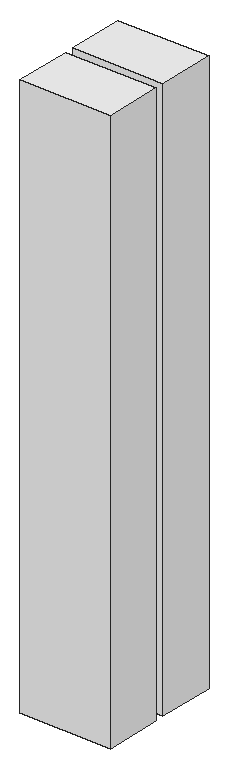
Revit family "Pilar_Con_Retang_Junta", category Structural Columns, Revit 2020
Family settings
  Display in Hidden Views = Edges Hidden by Other Members
  Section Shape = Not Defined
  Material for Model Behavior = Concrete
  Always export as geometry = No
  Beam cutback in plan = From bounding box
  OmniClass Number = 23.25.30.11.14.11
  OmniClass Title = Columns
  Cut with Voids When Loaded = No
  Symbolic Representation = From Family
  Shared = No
  Show family pre-cut in plan views = Yes
Parameters (values of type "PIL_040x054_FAI_CON_RET_JDI")
  b = 0.40 m
  H2 = (H1 / 2) - 0.02 m  # 0.25 m
  H1 = 0.54 m
  Structural Material [instance] = CT_Concreto
Reference planes (m)
  plane 1 "Center (Front/Back)": y = -0.172701
  plane 2: z = 0
  plane 3 "Center (Left/Right)": x = 0
  plane 4: x = -0.2
  plane 5: x = 0.2
  plane 6: y = 0.097299
  plane 7: y = -0.442701
  plane 8: y = -0.152701
  plane 9: y = -0.192701
  plane 10: y = -0.072701
Forms (m)
  Extrusion 1, solid, material "CT_Concreto" <- "Structural Material"
    sketch origin (0, 0, 0) x (1, 0, 0) y (0, 1, 0)
      loop
        line (-0.2, 0.097299) -> (-0.2, -0.152701) -> (0.2, -0.152701) -> (0.2, 0.097299) -> (-0.2, 0.097299)
    from 0 to 2.5
  Extrusion 2, solid, material "CT_Concreto" <- "Structural Material"
    sketch origin (0, -0.345403, 0) x (1, 0, 0) y (0, 1, 0)
      loop
        line (-0.2, -0.097299) -> (0.2, -0.097299) -> (0.2, 0.152701) -> (-0.2, 0.152701) -> (-0.2, -0.097299)
    from 0 to 2.5
Dimensions and locks (m)
  equal spacing: plane 4, plane 3 "Center (Left/Right)", plane 5
  "H1": plane 7 to plane 6
  "b": plane 4 to plane 5
  plane 8 to plane 9 = 0.04 m
  equal spacing: plane 8, plane 1 "Center (Front/Back)", plane 9
  "H2": plane 7 to plane 9
  "H2": plane 8 to plane 6
  aligned and locked: level to plane 2
  aligned and locked: Extrusion 1 to plane 6
  aligned and locked: Extrusion 1 to plane 5
  aligned and locked: Extrusion 1 to plane 8
  aligned and locked: Extrusion 2 to plane 9
  aligned and locked: plane 4 to Extrusion 2
  aligned and locked: Extrusion 2 to plane 5
  aligned and locked: plane 7 to Extrusion 2
  aligned and locked: Extrusion 1 to level
  aligned and locked: Extrusion 2 to level
  aligned and locked: level to Extrusion 2
  aligned and locked: level to Extrusion 1
Automatic sketch dimensions
  Extrusion 1 sketch curve to plane 4 = 0.00 m
  plane 6 to Extrusion 1 sketch curve = 0.00 m
  plane 5 to Extrusion 1 sketch curve = 0.00 m
  Extrusion 1 sketch curve to plane 10 = 0.08 m
  Extrusion 2 sketch curve to plane 4 = 0.00 m
  plane 7 to Extrusion 2 sketch curve = 0.00 m
  plane 5 to Extrusion 2 sketch curve = 0.00 m
  plane 9 to Extrusion 2 sketch curve = 0.00 m
